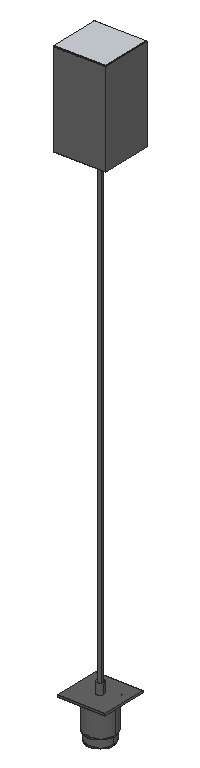
Revit family "LTC-6SQD-CM", category Lighting Fixtures, host Face, Revit 2021
Family settings
  Host = Face
  Round Connector Dimension = Use Diameter
  Part Type = Normal
  OmniClass Number = 23.80.70.11.14.11
  OmniClass Title = Downlights
  Cut with Voids When Loaded = No
  Light Source = Yes
  Shared = No
  Room Calculation Point = No
Parameters (values of type "LTC-6SQD-CMRMD")
  Wattage Comments = "8-52W"
  Wattage = 100 W
  Warranty = "5 years warranty"  # constant formula
  built-in parameter 1150110 = 1 (stored number, unit not read)
  Voltage = 120 V
  built-in parameter 1114217 = 1 (stored number, unit not read)
  Tilt Angle = -90.00°  # constant formula
  built-in parameter 1150109 = 1 (stored number, unit not read)
  built-in parameter 1150134 = 3
  built-in parameter 1150113 = 1 (stored number, unit not read)
  Recessed 2 = no
  Recessed = yes
  Photometric Web File = "LTC-6SQD-P-06L35K8MD-DM1-S-BL.ies"
  Features = "•\t6inch architectural LED square downlight and wall wash cylinder delivering 600 - 4000 lm\r\n•\t4 beam distributions from 0.6 to 1.2 Spacing Criteria\r\n•\tQuiet reflector appearance with 50º optical cutoff\r\n•\t2700K - 5000K, 80+ and 90+ CRI options\r\n•\tAvailable in Surface, Wall, Pendant, or Cord Mount configurations\r\n•\tPowerHUBB™ enables low-voltage wired connectivity for Power over Ethernet (PoE) network system deployment\r\n•\t2 SDCM color consistency\r\n•\tLong life L90 at 55,000 hrs (TM-21)\r\n•\tFive year warranty\r\n\r\n"  # constant formula
  Emit from Rectangle Width = 7.500"  # constant formula
  Emit from Rectangle Length = 7.500"  # constant formula
  Cord Height = 72.000"
  built-in parameter 1150105 = -5684000 (stored number, unit not read)
  Lumens = 2000 lm
  built-in parameter 1150115 = 1 (stored number, unit not read)
  built-in parameter 1150137 = (empty or 0)
  built-in parameter 1150139 = (empty or 0)
  built-in parameter 1150112 = 1 (stored number, unit not read)
  built-in parameter 1150114 = 1 (stored number, unit not read)
  built-in parameter 1150132 = 2
  built-in parameter 1150102 = (empty or 0)
  built-in parameter 1150107 = 3200 (stored number, unit not read)
  built-in parameter 1150138 = (empty or 0)
  built-in parameter 1150106 = -56840 (stored number, unit not read)
  Emit Shape Visible in Rendering = no
  built-in parameter 1150104 = 1.8581 (stored number, unit not read)
  Dimming Lamp Color Temperature Shift = <None>
  Copyright = "Prescolite"  # constant formula
  Contact us = ""
  Color Filter = 16777215
  Certifications = "• cCSAus certified to UL 1598\r\n• Wall Mount: Suitable for wet locations\r\n• Surface & Pendant Mount: Suitable for wet\r\nlocations under covered ceiling\r\n• Cord Mount and all Wall Wash: Suitable for\r\ndamp locations"  # constant formula
  Canopy Width = 7.000"
  Canopy Height = 0.260"
  Canopy = yes
  built-in parameter 1114218 = 1 (stored number, unit not read)
  Ballast = Paint - Carbon Black
  URL = "https://www.currentlighting.com/prescolite"
  Product Page URL = ""
  Product Documentation Link = ""
  Model = "LTC-6SQD"  # constant formula
  Manufacturer = "Prescolite"  # constant formula
  Lamp = "LED Lamp"
  Reflector = Glass - Glass
  Description = "LITEISTRY™ 6inch Square Cylinder"  # constant formula
  Default Elevation = 48.000"
  built-in parameter 1150133 = 10 (stored number, unit not read)
  Apparent Load = 52 VA  # constant formula
Types (6): name | Recessed 2 | Recessed | Canopy Width | Canopy Height
  (no name) | no | yes | 7.000" | 0.260"
  LTC-6SQD-CM | yes | no | 5.580" | 0.260"
  LTC-6SQD-CMRMD | no | yes | 7.000" | 0.260"
  LTC-6SQD-CMCC | no | no | 7.750" | 3.000"
  LTC-6SQD-CMPC | yes | no | 7.750" | 3.000"
  LTC-6SQD-CMPCC | no | no | 7.830" | 4.500"
Reference planes (in)
  plane 1 "Center (Front/Back)": y = 0
  plane 2: z = 0
  plane 3 "Center (Left/Right)": x = 0
  plane 4: z = 72
  plane 5: z = 71.75
  plane 6: x = -1
  plane 7: y = 1
  plane 8: x = 1
  plane 9: y = -1
  plane 10: z = 0.25
  plane 11: x = 3
  plane 12: x = -3
  plane 13: x = -2.75391
  plane 14: x = 2.75391
  plane 15: x = 3.5
  plane 16: x = -3.5
  plane 17: z = 0.26
  plane 18: y = 3.5
  plane 19: y = -3.5
Forms (in)
  Revolve 1, solid, material "Paint - Carbon Black" <- "Ballast"
    sketch origin (0, 0, -5.91673) x (1, 0, 0) y (0, 0, 1)
      loop
        line (-0.5, 6.17673) -> (0, 6.17673) -> (0, 77.91673) -> (-0.38833, 77.91673) -> (-1.06332, 77.91673)
        arc (-1.06332, 77.91673) -> (-1.08372, 77.73867) -> (-1.06332, 77.5606) r 0.78757
        arc (-1.06332, 77.5606) -> (-0.75401, 77.52515) -> (-0.44277, 77.5172) r 3.51531
        arc (-0.44277, 77.5172) -> (-0.34697, 77.50218) -> (-0.25, 77.50372) r 0.56641
        line (-0.25, 77.50372) -> (-0.25, 7.67673) -> (-0.5, 7.67673) -> (-0.5, 6.17673)
      axis (0, 77.91673) -> (0, 6.17673)
    angle from 0 to 360
  Revolve 2, solid, material "Paint - Carbon Black" <- "Ballast", visible <- "Recessed"
    sketch origin (0, 0, 0) x (1, 0, 0) y (0, 0, 1)
      loop
        line (0, -6) -> (0, 0.00055) -> (-2.5, 0.00055) -> (-2.5, -0.43712)
        arc (-2.5, -0.43712) -> (-2.48175, -0.48119) -> (-2.43767, -0.49945) r 0.06233
        line (-2.43767, -0.49945) -> (-2.30081, -0.49945)
        arc (-2.30081, -0.49945) -> (-2.26488, -0.51433) -> (-2.25, -0.55026) r 0.05081
        line (-2.25, -0.55026) -> (-2.25, -4.55877)
        arc (-2.25, -4.55877) -> (-2.2306, -4.6056) -> (-2.18377, -4.625) r 0.06623
        line (-2.18377, -4.625) -> (-2.03463, -4.625)
        arc (-2.03463, -4.625) -> (-2.01014, -4.63514) -> (-2, -4.65963) r 0.03463
        line (-2, -4.65963) -> (-2, -5.88059)
        arc (-2, -5.88059) -> (-1.96503, -5.96503) -> (-1.88059, -6) r 0.11941
        line (-1.88059, -6) -> (0, -6)
      axis (0, 0.00055) -> (0, -6)
    angle from 0 to 360
  Extrusion 3, solid, material "Paint - Carbon Black" <- "Ballast", visible <- "Canopy"
    sketch origin (0, 0, 0) x (1, 0, 0) y (0, 0, 1)
      loop
        line (-3.5, 0) -> (3.5, 0) -> (3.5, 0.26) -> (-3.5, 0.26) -> (-3.5, 0)
    from -3.5 to 3.5
  Extrusion 4, solid, material "Paint - Carbon Black" <- "Ballast", visible <- "Recessed 2"
    sketch origin (7.83986, -180, 7.93836) x (-1, 0, 0) y (0, -1, 0)
      loop
        line (8.70589, -181.5) -> (9.57191, -180) -> (8.70589, -178.5) -> (6.97384, -178.5) -> (6.10781, -180) -> (6.97384, -181.5) -> (8.70589, -181.5)
    from -8.60989 to -7.93836
Dimensions and locks (in)
  "Cord Height": plane 4 to host face
  locked: plane 4 to plane 5 at 0.25
  plane 6 to plane 3 "Center (Left/Right)" to plane 8 = 1.000" locked, 1.000" locked
  plane 7 to plane 1 "Center (Front/Back)" to plane 9 = 1.000" locked, 1.000" locked
  locked: plane 10 to level at 0.25
  host face to Revolve 2 sketch curve = 6.000"
  nested 1 to plane 4 = 14.000"
  "Canopy Width": plane 15 to plane 16
  equal spacing: plane 15, plane 3 "Center (Left/Right)", plane 16
  "Canopy Height": plane 17 to host face
  "Canopy Width": plane 18 to plane 19
  equal spacing: plane 18, plane 1 "Center (Front/Back)", plane 19
  locked: Revolve 1 sketch curve to Revolve 1 sketch curve at 1.5
  aligned and locked: plane 2 to host face
  aligned and locked: Revolve 1 sketch curve to plane 4
  aligned and locked: plane 3 "Center (Left/Right)" to nested 1
  aligned and locked: nested 1 to plane 1 "Center (Front/Back)"
  aligned and locked: plane 3 "Center (Left/Right)" to imposter light
  aligned and locked: imposter light to nested 1
  aligned and locked: Extrusion 3 sketch curve to level
  aligned and locked: Extrusion 3 sketch curve to plane 16
  aligned and locked: Extrusion 3 sketch curve to plane 17
  aligned and locked: plane 15 to Extrusion 3 sketch curve
  aligned and locked: plane 19 to Extrusion 3
  aligned and locked: Extrusion 3 to plane 18
  aligned and locked: plane 17 to Revolve 1 sketch curve
Automatic sketch dimensions
  host sketch curve to host sketch curve = 96.000"  (x2)
  Revolve 2 sketch curve to plane 3 "Center (Left/Right)" = 0.000"  (x2)
  plane 13 to Revolve 2 sketch curve = 0.87332"
  Revolve 2 sketch curve to Revolve 2 sketch curve = 0.11941"
  Revolve 2 sketch curve to Revolve 2 sketch curve = 0.03463"
  Revolve 2 sketch curve to Revolve 2 sketch curve = 0.14914"
  Revolve 2 sketch curve to Revolve 2 sketch curve = 0.06623"
  Revolve 2 sketch curve to Revolve 2 sketch curve = 0.05081"
  Revolve 2 sketch curve to Revolve 2 sketch curve = 0.13687"
  level to Revolve 2 sketch curve = 0.00055"
  plane 13 to Revolve 2 sketch curve = 0.25391"
  Revolve 2 sketch curve to Revolve 2 sketch curve = 1.22096"
  Revolve 2 sketch curve to level = 0.55026"
  Revolve 2 sketch curve to Revolve 2 sketch curve = 17.63999"
  plane 4 to Revolve 2 sketch curve = 31.07883"
  Revolve 1 sketch curve to plane 3 "Center (Left/Right)" = 0.000"  (x2)
  Revolve 1 sketch curve to plane 3 "Center (Left/Right)" = 0.250"
  Revolve 1 sketch curve to Revolve 1 sketch curve = 0.04614"
  plane 4 to Revolve 1 sketch curve = 0.15048"
  Revolve 1 sketch curve to plane 3 "Center (Left/Right)" = 0.30745"
  Revolve 1 sketch curve to Revolve 1 sketch curve = 0.500"
  plane 6 to Revolve 1 sketch curve = 0.49121"
  Revolve 1 sketch curve to plane 6 = 0.06332"  (x2)
  plane 5 to Revolve 1 sketch curve = 0.07193"
  Revolve 1 sketch curve to level = 13.75728"
  Revolve 1 sketch curve to plane 5 = 0.16301"
  Revolve 1 sketch curve to Revolve 1 sketch curve = 4.62756"
  Revolve 1 sketch curve to Revolve 1 sketch curve = 0.08088"
  Revolve 1 sketch curve to Revolve 1 sketch curve = 2.96468"
Nested families (in)
  nested 1: "LTC" at (0, 0, 72) x (0, 1, 0) z (0, 0, 1), Ballast <- "Ballast", Reflector <- "Reflector", type "6"
    with Reflector Glass - Glass, Ballast Paint - Carbon Black
Connectors (in)
  electrical at (0, 0, 0), driven by "Description", driven by "Voltage", driven by "Apparent Load"
    settings: index 1, voltage 120 V, apparent load 52 VA, apparent load phase1 0 VA, apparent load phase2 0 VA, apparent load phase3 0 VA, power factor 1, load classification "Other", number of poles 1, system type 30, power factor state 1, is connector primary yes, connector utility no, sub classification motor no, connector description "LITEISTRY™ 6inch Square Cylinder"
Definition of nested family "LTC"
  Parameters
    Width = 7.58984"
    Wattage Comments = ""
    Lamp = ""
    Height = 14.000"
    Ballast [instance] = none
    URL = ""
    Product Page URL = ""
    Product Documentation Link = ""
    Model = ""
    Manufacturer Phone = ""
    Manufacturer Fax = ""
    Manufacturer = "Prescolite"
    Reflector [instance] = none
    Description = ""
    Default Elevation = 48.000"
  Reference planes (in)
    plane 1 "Center (Front/Back)": y = 0
    plane 2: z = 0
    plane 3 "Center (Left/Right)": x = 0
    plane 4: y = 3.79492
    plane 5: y = -3.79492
    plane 6: z = 14
    plane 7: z = 0.125
    plane 8: x = 3.79492
    plane 9: z = 13.875
    plane 10: x = -3.79492
  Forms (in)
    Extrusion 1, solid
      sketch origin (0, 0, 0) x (1, 0, 0) y (0, 1, 0)
        loop
          line (-48, 48) -> (-48, -48) -> (48, -48) -> (48, 48) -> (-48, 48)
      from 0 to -6
    Extrusion 2, solid, material <- "Reflector"
      sketch origin (0, 0, 30.25) x (1, 0, 0) y (0, 1, 0)
        loop
          line (-3.79492, 3.79492) -> (-3.79492, -3.79492) -> (3.79492, -3.79492) -> (3.79492, 3.79492) -> (-3.79492, 3.79492)
      from -16.25 to -16.375
    Extrusion 3, solid, material <- "Ballast"
      sketch origin (0, 0, 0) x (1, 0, 0) y (0, 1, 0)
        loop
          line (-3.79492, 3.79492) -> (-3.79492, -3.79492) -> (3.79492, -3.79492) -> (3.79492, 3.79492) -> (-3.79492, 3.79492)
      from 0 to 13.875
  Dimensions and locks (in)
    equal spacing: plane 4, plane 1 "Center (Front/Back)", plane 5
    "Width": plane 5 to plane 4
    equal spacing: plane 10, plane 3 "Center (Left/Right)", plane 8
    "Width": plane 10 to plane 8
    "Height": plane 6 to Extrusion 1
    locked: plane 6 to plane 9 at 0.125
    aligned and locked: plane 2 to Extrusion 1
    aligned and locked: Extrusion 2 to plane 9
    aligned and locked: plane 9 to Extrusion 3
    aligned and locked: plane 6 to Extrusion 2
  Automatic sketch dimensions
    Extrusion 1 sketch curve to Extrusion 1 sketch curve = 96.000"  (x2)
    Extrusion 3 sketch curve to plane 5 = 0.000"
    Extrusion 3 sketch curve to plane 10 = 0.000"
    Extrusion 3 sketch curve to plane 8 = 0.000"
    plane 4 to Extrusion 3 sketch curve = 0.000"
    Extrusion 2 sketch curve to plane 5 = 0.000"
    Extrusion 2 sketch curve to plane 10 = 0.000"
    Extrusion 2 sketch curve to plane 8 = 0.000"
    plane 4 to Extrusion 2 sketch curve = 0.000"
